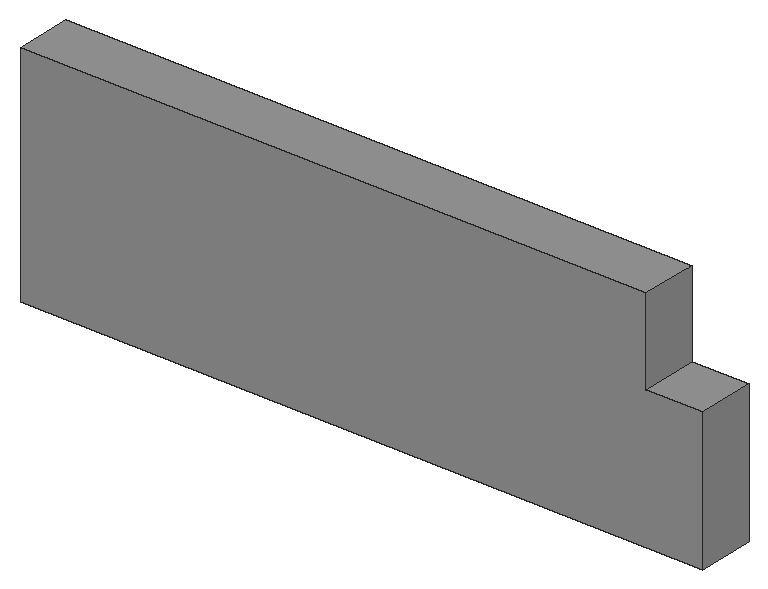
Revit family "1. Infercoa_NormalP_EN", category Modelos genéricos, Revit 2017
Family settings
  Anfitrión = Muro
  Puede alojar armadura = No
  Cota de conector redondo = Diámetro de uso
  Tipo de pieza = Normal
  Siempre vertical = Sí
  Corte con vacíos al cargar = No
  Compartido = No
  Punto de cálculo de habitación = No
Parameters (values of type "Stonepanel® Infercoa")
  Stonepanel advantages = "More Efficient: Simple and quick installation: 10 times faster than traditional masonry (placing rate average 20m2/day). More profitable: virtually non-existent product waste. Natural Stone products are more durable than other cladding materials. Stonepanel™ installation requires no skilled labour or machinery.\r\nSafer: The incorporated mechanical anchor of Stonepanel™, made of stainless steel, enables the installation of natural stone panel on surfaces higher than two meters. Strong and uniform cement base ensures adherence and allows piece cutting without risk of detachment.\r\nHigh Quality: Manufacturing processes are continually monitored by the R&D Department of CUPAGROUP. A great selection of natural stone is done by the experts of CUPASTONE. Special pieces are available, such as corners (solid, straight end, double end or for windows), coverings and other complementary solutions.\r\nMore Aesthetic: ‘S’-shaped panels to avoid visible joints, in order to enhance the external look of any projet. A wide range of natural stone panels with different colours and finishes is available. Beauty and exclusiveness of the natural stone: each piece is unique."
  Uses Indicated = "Decorative cladding system suitable for indoor and outdoor use on new or existing buildings when attached to solid walls of masonry or concrete.\r\nStonepanel Sky can be installed at any height. Stonepanel can be installed at heights up to 2 metres."
  URL = "http://www.cupastone.com/cupa/productos/panel-de-piedra/?n=stonepanel-orient-oro"
  Fire resistance = "A1 incombustible"
  Durability = "The system has a design life in excess of 30 years, according to BBA certificate."
  Delivery form = "Panels are packed in plastic in pairs."
  Construction details = "Details of:\r\n- Installation with a metal profile\r\n- Installation of Stonepanel\r\n- Installation on interior wall\r\n- Installation of the safety element (perforated band, screws and wall plugs)\r\n- Incoming corner\r\n- Protruding corner\r\n- Prefabricated protruding corner\r\n- Protruding corner with sawn panels\r\n- Protruding corner without Stonepanel continuity (lateral façade)\r\n- Upper edges\r\n- Avobe parapet\r\n- Frame of vain"
  Resistance = "High resistance"
  Weight = "8.75 kg"
  Oxidation = "Natural oxydation"
  Other relevant info = "All panels installed above 2 m from the ground must be fixed with both mortar adhesive and mechanical fixings"
  Modelo = "Stonepanel® Infercoa"
  Material = "Dark-toned, natural slate extracted directly from our quarry in Portugal. Rustic and natural in appearance, the panels are characterized by its rough texture. Natural oxidation."
  Cleaning = "Generally the panels do not require any maintenance and are self-cleaning but removal of some types of mark may require specialist treatment.\r\nFor abnormal soiling, the surface may be cleaned using a hot water/household detergent mixture, applied with a suitable cleaning pad or sponge."
  Large = 600 mm
  Impact = "It can be used in areas categorised as A to F"
  Imagen de tipo = <Ninguno>
  Format = "600 x 200"
  Form = "“S”-shaped"
  Fabricante = "Cupastone"
  Anchor system = "Perforated steel banding:\r\n- Stainless steel grade AISI 316 (1.4401) or AISI 304 (1.4301) with a minimum thickness of 0.7 mm and width of 12 mm to 15 mm, with holes 6±1 mm in diameter.\r\n- Stainless steel grade AISI 304 (1.4301) with a minimum thickness of 0.8 mm and width of 10±1 mm, with holes 5±1 mm in diameter.\r\n- The steel banding has five holes on each of the two wings, which are aligned in order to fix a screw through both holes into the wall.\r\n\r\nStainless steel screws and wall plugs:\r\nThe pull-out value of the fixings for securing Stonepanel Sky panels to the wall should be determined on site using the characteristic pull-out resistance divided by a minimum safety factor of 3."
  Tests performed by Avis Technique = "Mechanical strenth of the anchor, Resistance of the mechanical fixing, Testing of durability after water, Durability after freeze, Seismic test"
  Height offset = 0 mm
  Descripción = "Panel made of natural stones bonded to a cement base reinforced with glassfibre mesh\r\n Each panel incorporates an embedded mechanical anchor used for additional fixing system, for heights above 2 metres from the ground."
  Apparent Density = "79.5 kg/m2"
  Secondary colour = "Grey"
  Principal colour = "Black"
  Certifications = "Avis Technique - France"
  Aspect = "Rustic"
  Width = 50 mm
  Height = 200 mm
  Finish = "Natural"
  Absorption = "Low absorption"
Reference planes
  plane 1 "Muro": y = 0
  plane 2 "Centro (Izquierda/Derecha)": x = 125
  plane 3 "Posterior": y = 75
Forms (mm)
  Extrusion 1, solid, material "Stonepanel® SKY Orient Gold"
    sketch origin (0, 160, 1120) x (1, 0, 0) y (0, 0, 1)
      loop
        line (125, -1120) -> (125, -996) -> (75, -996) -> (75, -920) -> (-475, -920) -> (-475, -1120) -> (125, -1120)
    from 35 to 85
Text (mm)
  text "Cara de colocación" at (-1848.837, 1116.779, 0), in view "Nivel de referencia"
  text "Cara de colocación" at (0, 1409.804, 2854.306), in view "Izquierda"
  text "Cara de colocación" at (0, 499.811, 2980.732), in view "Derecha"
Dimensions and locks
  locked: plane 3 "Posterior" to host wall
  locked: Extrusion 1 to plane 3 "Posterior" at 0
  "Width": Extrusion 1 to Extrusion 1
  "Large": Extrusion 1 to Extrusion 1
  locked: Extrusion 1 to Extrusion 1 at 76
  "Height offset": level to Extrusion 1
  locked: Extrusion 1 to Extrusion 1 at 50
  "Height": Extrusion 1 to Extrusion 1
  aligned and locked: plane 1 "Muro" to host wall
Automatic sketch dimensions
  Extrusion 1 sketch curve to level = 0 mm
  Extrusion 1 sketch curve to plane 2 "Centro (Izquierda/Derecha)" = 0 mm
  Extrusion 1 sketch curve to plane 2 "Centro (Izquierda/Derecha)" = 50 mm
  level to Extrusion 1 sketch curve = 200 mm
  Extrusion 1 sketch curve to Extrusion 1 sketch curve = 550 mm
  level to Extrusion 1 sketch curve = 124 mm
